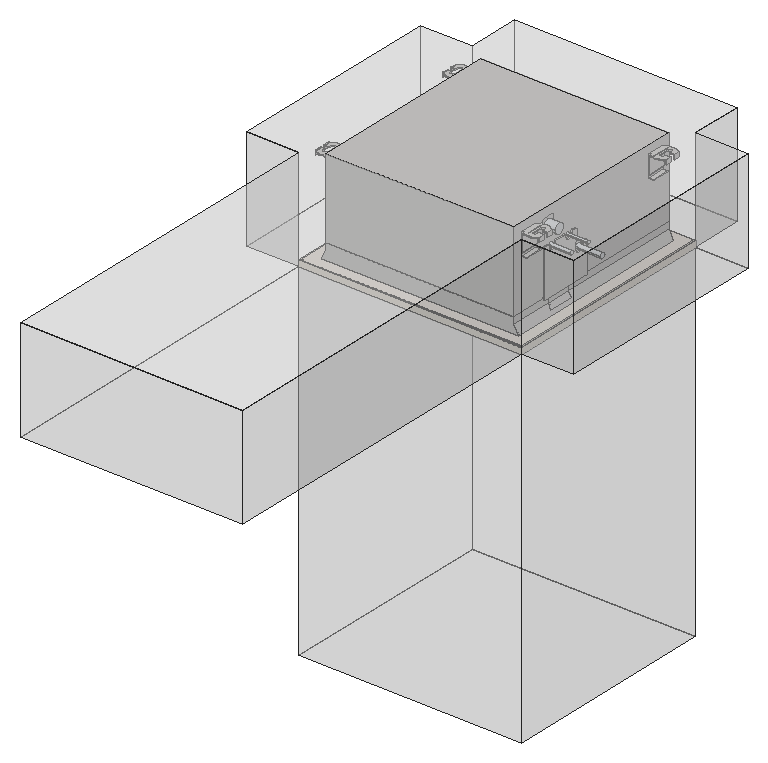
Revit family "outputfile", category 機械設備, Revit 2024
Family settings
  丸型コネクタ寸法 = 半径を使用
  種別 = なし
  パーツ タイプ = 標準
  OmniClass 番号 = 23.75.10.24.21.27.27
  OmniClass タイトル = Split System Air Conditioning Units
  作業面ベース = いいえ
  常に垂直 = はい
  ロード時にボイドで切り取り = いいえ
  注釈の向きを維持 = いいえ
  共有 = いいえ
  部屋計算ポイント = はい
Parameters (values of type "FPEKQ20AVM")
  書き出し IFC クラス(タイプ) = "IfcUnitaryEquipmentType"
  定義済み IFC タイプ(タイプ) = "AIRCONDITIONINGUNIT"
  r_HP/LP Gas Pipe Size = [HP/LP Gas Pipe Size] / 2  # 4.75 mm
  製造元 = "Daikin"
  モデル = "FPEKQ20AVM"
  w_power = 270.0 mm
  w_HP/LP Gas Pipe Size = 334.0 mm
  w_gaspipe = 344.0 mm
  w_drainpipe = 303.0 mm
  w_liquidpipe = 334.0 mm
  r_OAduct = 75.0 mm
  r_Liquid Pipe Size = Liquid Pipe Size / 2  # 3.2 mm
  r_Gas Pipe Size = Gas Pipe Size / 2  # 6.35 mm
  r_Drain Pipe Size = Drain Pipe Size / 2  # 13.0 mm
  lw_OA = (Width - 295.0 mm) / 2  # 172.5 mm
  lh_liquidpipe = 176.0 mm
  lh_HP/LP Gas Pipe Size = 176.0 mm
  lh_OA = 220.0 mm
  ld_HP/LP Gas Pipe Size = 150.0 mm
  ld_OA = 100.0 mm
  Voltage_comment_60Hz = "220-230"
  Voltage_comment_50Hz = "220 - 240"
  Voltage_60Hz = 220 V
  Voltage_50Hz = 230 V
  Phase_60Hz = 1
  Phase_50Hz = 1
  Minimum Circuit Amps_60Hz = 0.6 A
  Minimum Circuit Amps_50Hz = 0.6 A
  Maximum Fuse Amps_60Hz = 16.0 A
  Maximum Fuse Amps_50Hz = 16.0 A
  Material_Casing = DAIKIN_GalvanizedSteel_Casing_indoorunit
  lw_drainpipe = 50.0 mm
  lw_connection = 75.0 mm
  lh_powersuply = 27.0 mm
  lh_drainpipe = 230.0 mm
  lh_gaspipe = 129.0 mm
  ld_powersuply = 100.0 mm
  ld_liquidpipe = 90.0 mm
  ld_gaspipe = 53.0 mm
  ld_drainpipe = 157.0 mm
  h_mountinghole = 254.0 mm
  h_casing = 275.0 mm
  h_antenna = h_casing - h_mountinghole + 1.0 mm  # 22.0 mm
  d_mountinghole = 456.0 mm
  Width = 640.0 mm
  w_mountinghole = 603.0 mm
  w_branch duct connection = if(Width = 1070.0 mm, 360.0 mm, 615.0 mm)  # 615.0 mm
  w_block = if(Width = 1285.0 mm, 36.5 mm, 36.0 mm)  # 36.0 mm
  Version = "ver.1.0"
  Unit Type = "Moisture Kitchen Cassette"
  Unit Mass Weight = 17.00 kg
  Unit Designation [instance] = ""
  Uniclass2015Version = "Products v1.30"
  Uniclass2015Title = "Variable refrigerant flow units"
  Uniclass2015Code = "Pr_70_65_03_94"
  Total Cooling Capacity [instance] = 0.000 kW
  Sound Pressure Level_M speed (dBA) = 0
  Sound Pressure Level_L speed (dBA) = 25
  Sound Pressure Level_H speed (dBA) = 42
  Series = "VRV HOME_Fan Coil Unit"
  Sensible Cooling Capacity [instance] = 0.000 kW
  Refrigerant Type = "R410A"
  r_branch duct connection = if(Width = 1070.0 mm, 154.5 mm, 262.5 mm)  # 262.5 mm
  Power Input (Cooling) = 0.054 kW
  Option Accessory 3 [instance] = ""
  Option Accessory 2 [instance] = ""
  Option Accessory 1 [instance] = ""
  Nominal Cooling Capacity = 2.200 kW
  Minimum Airflow = 180.00 m³/h
  Median Airflow = 0.00 m³/h
  Maximum Airflow = 420.00 m³/h
  Load Classification = HVAC
  Liquid Pipe Size = 6.4 mm
  Link_Nested Family [instance] = ""
  l_branch duct connection = if(Width = 1070.0 mm, 282.5 mm, 374.5 mm)  # 374.5 mm
  IfcVersion = ""
  IfcExportType = "AIRCONDITIONINGUNIT"
  IfcExportAs = "IfcUnitaryEquipmentType"
  Height = 295.0 mm
  Heat Exchanger Type = "Cross Fin Coil"
  HP/LP Gas Pipe Size = 9.5 mm
  Gas Pipe Size = 12.7 mm
  Frequency_60Hz = 60 Hz
  Frequency_50Hz = 50 Hz
  Fan Type = "Sirocco Fan"
  Fan Drive = "Direct Drive"
  FCU Tag No. [instance] = ""
  Drain Pipe Size = 26.0 mm
  Design Supply Airflow [instance] = 0.00 m³/h
  Design Outdoor Airflow [instance] = 0.00 m³/h
  Depth = 625.0 mm
  既定の高さ = 0.0 mm
  Cooling Entering Wet Bulb Temperature [instance] = 0.00 °C
  Cooling Entering Dry Bulb Temperature [instance] = 0.00 °C
  Cooling Ambient Wet Bulb Temperature [instance] = 0.00 °C
  Cooling Ambient Dry Bulb Temperature [instance] = 0.00 °C
  Clearance visibility [instance] = yes
  Clearance Top = 0.0 mm
  Clearance Right = 150.0 mm
  Clearance Rear = 150.0 mm
  Clearance Left = 150.0 mm
  Clearance Front = 1000.0 mm
  Clearance Bottom = 1000.0 mm
  switch_Branch duct connection2 visibility = Width = 1740.0 mm  # no
  switch_Branch duct connection1 visibility = or((Width = 1070.0 mm), (Width = 1285.0 mm))  # no
Reference planes
  plane 1 "Center (Front/Back)": y = 0
  plane 2 "ceiling plane": z = 0
  plane 3 "Center (Left/Right)": x = 0
  plane 4 "Back": y = 312.5
  plane 5 "Front": y = -312.5
  plane 6 "Left": x = -320
  plane 7 "Right": x = 320
  plane 8 "Top": z = 275
  plane 9 "Bottom": z = -20
  plane 10: z = 45
  plane 11: z = 275
  plane 12: x = -301.5
  plane 13: x = 301.5
  plane 14: y = 228
  plane 15: y = -228
  plane 16: z = 254
  plane 17: x = 303
  plane 18: x = 334
  plane 19: y = -100
  plane 20 "Clearance Rear": y = 462.5
  plane 21 "Clearance Front": y = -1312.5
  plane 22 "Clearance Left": x = -470
  plane 23 "Clearance Right": x = 470
  plane 24 "Clearance Top": z = 275
  plane 25 "Clearance Bottom": z = -1000
  plane 26: y = -90
  plane 27: y = -53
  plane 28: y = -157
  plane 29: z = 27
  plane 30: z = 129
  plane 31: z = 230
  plane 32: z = 220
  plane 33: x = 160
  plane 34: y = -260
  plane 35: z = 176
  plane 36: y = -150
  plane 37: x = 344
Forms (mm)
  Extrusion 1, solid, material "DAIKIN_GalvanizedSteel_Casing_indoorunit" <- "Material_Casing"
    sketch origin (0, 0, 0) x (1, 0, 0) y (0, 1, 0)
      loop
        line (-270, 277.5) -> (-270, -277.5) -> (270, -277.5) -> (270, 277.5) -> (-270, 277.5)
    from 45 to 275
  Extrusion 2, solid
    sketch origin (0, 0, 0) x (0, 1, 0) y (0, 0, 1)
      loop
        circle (-90, 176) r 3.2
    from 270 to 334
  Extrusion 3, solid
    sketch origin (0, 0, 0) x (0, 1, 0) y (0, 0, 1)
      loop
        circle (-157, 230) r 13
    from 268 to 303
  Extrusion 4, solid
    sketch origin (0, -60, 0) x (0, 1, 0) y (0, 0, 1)
      loop
        circle (-90, 176) r 4.75
    from 270 to 334 <- "w_HP/LP Gas Pipe Size"
  Extrusion 5, solid
    sketch origin (0, 0, 0) x (0, 1, 0) y (0, 0, 1)
      loop
        circle (-53, 129) r 6.35
    from 270 to 344
  Extrusion 6, solid, material "DAIKIN_GalvanizedSteel_Casing_indoorunit" <- "Material_Casing"
    sketch origin (0, 0, 0) x (0, 1, 0) y (0, 0, 1)
      loop
        line (-173.357, 45.701) -> (-27.704, 45.701)
        arc (-27.704, 45.701) -> (-25.633, 46.606) -> (-24.781, 48.7) r 3
        line (-24.781, 48.7) -> (-24.781, 130.81)
        arc (-24.781, 130.81) -> (-25.66, 132.931) -> (-27.781, 133.81) r 3
        line (-27.781, 133.81) -> (-35.219, 133.81)
        arc (-35.219, 133.81) -> (-37.34, 132.931) -> (-38.219, 130.81) r 3
        line (-38.219, 130.81) -> (-38.219, 129)
        arc (-38.219, 129) -> (-53, 114.219) -> (-67.781, 129) r 14.781
        line (-67.781, 129) -> (-67.781, 144.567)
        arc (-67.781, 144.567) -> (-67.553, 145.715) -> (-66.903, 146.689) r 3
        line (-66.903, 146.689) -> (-63.66, 150.321)
        arc (-63.66, 150.321) -> (-63.01, 151.295) -> (-62.781, 152.443) r 3
        line (-62.781, 152.443) -> (-62.781, 177.95)
        arc (-62.781, 177.95) -> (-63.66, 180.071) -> (-65.781, 180.95) r 3
        line (-65.781, 180.95) -> (-73.98, 180.95)
        arc (-73.98, 180.95) -> (-76.102, 180.071) -> (-76.98, 177.95) r 3
        line (-76.98, 177.95) -> (-76.98, 176)
        arc (-76.98, 176) -> (-90, 162.98) -> (-103.02, 176) r 13.02
        line (-103.02, 176) -> (-103.02, 177.95)
        arc (-103.02, 177.95) -> (-103.898, 180.071) -> (-106.02, 180.95) r 3
        line (-106.02, 180.95) -> (-133.996, 180.95)
        arc (-133.996, 180.95) -> (-136.117, 180.071) -> (-136.996, 177.95) r 3
        line (-136.996, 177.95) -> (-136.996, 176)
        arc (-136.996, 176) -> (-150, 162.996) -> (-163.004, 176) r 13.004
        line (-163.004, 176) -> (-163.004, 177.95)
        arc (-163.004, 177.95) -> (-163.883, 180.071) -> (-166.004, 180.95) r 3
        line (-166.004, 180.95) -> (-173.279, 180.95)
        arc (-173.279, 180.95) -> (-175.4, 180.071) -> (-176.279, 177.95) r 3
        line (-176.279, 177.95) -> (-176.279, 48.7)
        arc (-176.279, 48.7) -> (-175.428, 46.607) -> (-173.357, 45.701) r 3
    from 270 to 277
  Extrusion 7, void
    sketch origin (0, 0, 0) x (0, 1, 0) y (0, 0, 1)
      loop
        arc (-136, 246) -> (-137.464, 249.536) -> (-141, 251) r 5
        line (-141, 251) -> (-173, 251)
        arc (-173, 251) -> (-176.536, 249.536) -> (-178, 246) r 5
        line (-178, 246) -> (-178, 214)
        arc (-178, 214) -> (-176.536, 210.464) -> (-173, 209) r 5
        line (-173, 209) -> (-141, 209)
        arc (-141, 209) -> (-137.464, 210.464) -> (-136, 214) r 5
        line (-136, 214) -> (-136, 246)
    from 268 to 270
  Extrusion 8, solid, material "DAIKIN_GalvanizedSteel_Casing_indoorunit" <- "Material_Casing"
    sketch origin (0, 0, 0) x (1, 0, 0) y (0, 0, 1)
      loop
        line (271, 25.995) -> (271, 42) -> (-271, 42) -> (-271, 25.995) -> (-277.526, 12) -> (277.526, 12) -> (271, 25.995)
    from 85 to 155
Cuts and joins
  Extrusion 7 cuts Extrusion 1
Dimensions and locks
  "Width": plane 6 "Left" to plane 7 "Right"
  equal spacing: plane 6 "Left", plane 3 "Center (Left/Right)", plane 7 "Right"
  equal spacing: plane 4 "Back", plane 1 "Center (Front/Back)", plane 5 "Front"
  "Depth": plane 4 "Back" to plane 5 "Front"
  plane 11 to plane 10 = 230.0 mm
  equal spacing: plane 12, plane 3 "Center (Left/Right)", plane 13
  "w_mountinghole": plane 12 to plane 13
  equal spacing: plane 15, plane 1 "Center (Front/Back)", plane 14
  "d_mountinghole": plane 15 to plane 14
  "h_mountinghole": plane 16 to level
  "lh_liquidpipe": Extrusion 2 sketch curve to level
  "Clearance Left": plane 22 "Clearance Left" to plane 6 "Left"
  "Clearance Right": plane 7 "Right" to plane 23 "Clearance Right"
  "Clearance Front": plane 5 "Front" to plane 21 "Clearance Front"
  "Clearance Rear": plane 20 "Clearance Rear" to plane 4 "Back"
  "Clearance Top": plane 24 "Clearance Top" to plane 11
  "Clearance Bottom": level to plane 25 "Clearance Bottom"
  "ld_powersuply": plane 19 to plane 1 "Center (Front/Back)"
  "ld_liquidpipe": plane 26 to plane 1 "Center (Front/Back)"
  "ld_gaspipe": plane 27 to plane 1 "Center (Front/Back)"
  "ld_drainpipe": plane 28 to plane 1 "Center (Front/Back)"
  "lh_powersuply": plane 29 to level
  "lh_gaspipe": plane 30 to level
  "lh_drainpipe": plane 31 to level
  "h_casing": plane 11 to level
  "lh_OA": plane 32 to level
  locked: plane 33 to plane 7 "Right" at 160
  locked: plane 5 "Front" to plane 34 at 52.5
  equal spacing: Extrusion 1 sketch curve, plane 3 "Center (Left/Right)", Extrusion 1 sketch curve
  locked: Extrusion 1 sketch curve to Extrusion 1 sketch curve at 540
  equal spacing: Extrusion 1 sketch curve, plane 1 "Center (Front/Back)", Extrusion 1 sketch curve
  locked: Extrusion 1 sketch curve to Extrusion 1 sketch curve at 555
  "lh_liquidpipe": plane 35 to level
  "w_drainpipe": plane 3 "Center (Left/Right)" to plane 17
  "w_liquidpipe": plane 3 "Center (Left/Right)" to plane 18
  "lh_HP/LP Gas Pipe Size": Extrusion 4 sketch curve to level
  "ld_HP/LP Gas Pipe Size": Extrusion 4 sketch curve to plane 1 "Center (Front/Back)"
  "ld_HP/LP Gas Pipe Size": plane 36 to plane 1 "Center (Front/Back)"
  "w_gaspipe": plane 3 "Center (Left/Right)" to plane 37
  locked: plane 10 to level at 45
  "Liquid Pipe Size": diameter of Extrusion 2 sketch curve
  "Drain Pipe Size": diameter of Extrusion 3 sketch curve
  "r_HP/LP Gas Pipe Size": radius of Extrusion 4 sketch curve
  "r_Gas Pipe Size": radius of Extrusion 5 sketch curve
  aligned and locked: level to plane 2 "ceiling plane"
  aligned and locked: Extrusion 1 to plane 10
  aligned and locked: plane 11 to Extrusion 1
  aligned and locked: plane 18 to Extrusion 2
  aligned and locked: plane 17 to Extrusion 3
  aligned and locked: nested 6 to plane 19
  aligned and locked: plane 11 to plane 8 "Top"
  aligned and locked: nested 6 to plane 29
  aligned and locked: nested 7 to plane 26
  aligned and locked: plane 18 to nested 7
  aligned and locked: nested 8 to plane 27
  aligned and locked: nested 9 to plane 28
  aligned and locked: plane 17 to nested 9
  aligned and locked: plane 12 to nested 10
  aligned and locked: plane 14 to nested 10
  aligned and locked: plane 12 to nested 11
  aligned and locked: plane 15 to nested 11
  aligned and locked: plane 13 to nested 12
  aligned and locked: plane 15 to nested 12
  aligned and locked: plane 14 to nested 13
  aligned and locked: plane 13 to nested 13
  aligned and locked: plane 1 "Center (Front/Back)" to nested 15
  aligned and locked: plane 3 "Center (Left/Right)" to nested 15
  aligned and locked: plane 24 "Clearance Top" to nested 15
  aligned and locked: plane 33 to nested 14
  aligned and locked: nested 14 to plane 34
  aligned and locked: level to nested 1
  aligned and locked: plane 3 "Center (Left/Right)" to nested 1
  aligned and locked: plane 1 "Center (Front/Back)" to nested 1
  aligned and locked: plane 14 to nested 2
  aligned and locked: plane 12 to nested 2
  aligned and locked: plane 15 to nested 3
  aligned and locked: plane 12 to nested 3
  aligned and locked: nested 4 to plane 14
  aligned and locked: plane 13 to nested 4
  aligned and locked: nested 5 to plane 15
  aligned and locked: plane 13 to nested 5
  aligned and locked: plane 26 to Extrusion 2 sketch curve
  aligned and locked: plane 28 to Extrusion 3 sketch curve
  aligned and locked: plane 31 to Extrusion 3 sketch curve
  aligned and locked: nested 16 to plane 36
  aligned and locked: plane 18 to Extrusion 4
  aligned and locked: plane 30 to Extrusion 5 sketch curve
  aligned and locked: plane 27 to Extrusion 5 sketch curve
  aligned and locked: plane 37 to Extrusion 5
  aligned and locked: plane 37 to nested 8
  aligned and locked: nested 14 to plane 9 "Bottom"
  aligned and locked: plane 9 "Bottom" to nested 1
  aligned and locked: Extrusion 4 to cut or joined group of Extrusion 1, Extrusion 7
  aligned and locked: Extrusion 2 to cut or joined group of Extrusion 1, Extrusion 7
  aligned and locked: Extrusion 5 to cut or joined group of Extrusion 1, Extrusion 7
  aligned and locked: cut or joined group of Extrusion 1, Extrusion 7 to Extrusion 3
Automatic sketch dimensions
  plane 35 to Extrusion 6 sketch curve = 0.0 mm  (x2)
  Extrusion 6 sketch curve to plane 36 = 0.0 mm
  Extrusion 6 sketch curve to plane 26 = 0.0 mm
  plane 30 to Extrusion 6 sketch curve = 0.0 mm
  Extrusion 6 sketch curve to plane 27 = 0.0 mm
  Extrusion 6 sketch curve to plane 35 = 1.95 mm  (x4)
  plane 28 to Extrusion 6 sketch curve = 6.004 mm
  Extrusion 6 sketch curve to Extrusion 6 sketch curve = 3.0 mm  (x4)
  plane 10 to Extrusion 6 sketch curve = 3.7 mm  (x2)
  plane 28 to Extrusion 6 sketch curve = 16.279 mm
  Extrusion 6 sketch curve to Extrusion 6 sketch curve = 7.275 mm
  plane 10 to Extrusion 6 sketch curve = 0.701 mm  (x2)
  Extrusion 6 sketch curve to Extrusion 6 sketch curve = 0.078 mm  (x2)
  plane 19 to Extrusion 6 sketch curve = 6.02 mm
  plane 19 to Extrusion 6 sketch curve = 3.02 mm
  Extrusion 6 sketch curve to Extrusion 6 sketch curve = 0.879 mm  (x2)
  Extrusion 6 sketch curve to Extrusion 6 sketch curve = 8.199 mm
  Extrusion 6 sketch curve to Extrusion 6 sketch curve = 1.121 mm
  Extrusion 6 sketch curve to Extrusion 6 sketch curve = 2.121 mm  (x2)
  Extrusion 6 sketch curve to plane 30 = 1.81 mm
  Extrusion 6 sketch curve to Extrusion 6 sketch curve = 7.437 mm
  Extrusion 6 sketch curve to plane 27 = 25.219 mm
  Extrusion 6 sketch curve to plane 30 = 15.567 mm
  Extrusion 6 sketch curve to Extrusion 6 sketch curve = 3.633 mm
  plane 32 to Extrusion 7 sketch curve = 6.0 mm  (x2)
  plane 28 to Extrusion 7 sketch curve = 21.0 mm
  Extrusion 7 sketch curve to Extrusion 7 sketch curve = 5.0 mm  (x3)
  Extrusion 7 sketch curve to plane 36 = 9.0 mm
  Extrusion 7 sketch curve to plane 16 = 8.0 mm
  plane 12 to Extrusion 8 sketch curve = 23.974 mm
  Extrusion 8 sketch curve to plane 10 = 3.0 mm
  plane 12 to Extrusion 8 sketch curve = 30.5 mm
  plane 29 to Extrusion 8 sketch curve = 1.005 mm  (x2)
  Extrusion 8 sketch curve to plane 13 = 30.5 mm
  Extrusion 8 sketch curve to Extrusion 8 sketch curve = 6.526 mm
  level to Extrusion 8 sketch curve = 12.0 mm
Nested families
  nested 1: "daikin_round flow_panel" at (0, 0, 0), type "magnolia denudata white"
  nested 2: "daikin_hangerfixture_FPEKQ-AVM" at (-270, 228, 254) x (0, -1, 0) z (0, 0, 1), built-in parameter 1001364 <- "h_mountinghole", type "daikin_hangerfixture_FPEKQ-AVM"
  nested 3: "daikin_hangerfixture_FPEKQ-AVM" at (-270, -228, 254) x (0, -1, 0) z (0, 0, 1), built-in parameter 1001364 <- "h_mountinghole", type "daikin_hangerfixture_FPEKQ-AVM"
  nested 4: "daikin_hangerfixture_FPEKQ-AVM" at (270, 228, 254) x (0, -1, 0) z (0, 0, 1), built-in parameter 1001364 <- "h_mountinghole", type "daikin_hangerfixture_FPEKQ-AVM"
  nested 5: "daikin_hangerfixture_FPEKQ-AVM" at (270, -228, 254) x (0, -1, 0) z (0, 0, 1), built-in parameter 1001364 <- "h_mountinghole", type "daikin_hangerfixture_FPEKQ-AVM"
  nested 6: "daikin_connector_rotate2" at (0, -100, 27) x (0, 1, 0) z (0, 0, 1), length <- "w_power", type "daikin_connector_rotate2"
    with radius 10.0 mm, length 270.0 mm, angle_vertical 90.00°
  nested 7: "daikin_connector_rotate2" at (0, -90, 176) x (0, 1, 0) z (0, 0, 1), radius <- "r_Liquid Pipe Size", built-in parameter 1001364 <- "lh_liquidpipe", length <- "w_liquidpipe", type "daikin_connector_rotate2"
    with radius 3.2 mm, length 334.0 mm, angle_vertical 90.00°
  nested 8: "daikin_connector_rotate2" at (0, -53, 129) x (0, 1, 0) z (0, 0, 1), radius <- "r_Gas Pipe Size", built-in parameter 1001364 <- "lh_gaspipe", length <- "w_gaspipe", type "daikin_connector_rotate2"
    with radius 6.35 mm, length 344.0 mm, angle_vertical 90.00°
  nested 9: "daikin_connector_rotate2" at (0, -157, 230) x (0, 1, 0) z (0, 0, 1), radius <- "r_Drain Pipe Size", built-in parameter 1001364 <- "lh_drainpipe", length <- "w_drainpipe", type "daikin_connector_rotate2"
    with radius 13.0 mm, length 303.0 mm, angle_vertical 90.00°
  nested 10: "daikin_mountinghole" at (-301.5, 228, 0), l_antenna <- "h_antenna", Link_Nested Family <- "Link_Nested Family", h_mountinghole <- "h_mountinghole", type "daikin_mountinghole"
    with show yes, l_antenna 22.0 mm, h_mountinghole 254.0 mm, Link_Nested Family ""
  nested 11: "daikin_mountinghole" at (-301.5, -228, 0), l_antenna <- "h_antenna", Link_Nested Family <- "Link_Nested Family", h_mountinghole <- "h_mountinghole", type "daikin_mountinghole"
    with show yes, l_antenna 22.0 mm, h_mountinghole 254.0 mm, Link_Nested Family ""
  nested 12: "daikin_mountinghole" at (301.5, -228, 0), l_antenna <- "h_antenna", Link_Nested Family <- "Link_Nested Family", h_mountinghole <- "h_mountinghole", type "daikin_mountinghole"
    with show yes, l_antenna 22.0 mm, h_mountinghole 254.0 mm, Link_Nested Family ""
  nested 13: "daikin_mountinghole" at (301.5, 228, 0), l_antenna <- "h_antenna", Link_Nested Family <- "Link_Nested Family", h_mountinghole <- "h_mountinghole", type "daikin_mountinghole"
    with show yes, l_antenna 22.0 mm, h_mountinghole 254.0 mm, Link_Nested Family ""
  nested 14: "daikin_logo_plane_w40" at (160, -260, -22), type "daikin_logo_plane_w40"
    with show_logo yes
  nested 15: "daikin_clearancespace_cassette" at (0, 0, 127.5), depth_outline <- "Depth", height_outline <- "Height", width_outline <- "Width", depth_front <- "Clearance Front", depth_rear <- "Clearance Rear", height_bottom <- "Clearance Bottom", height_top <- "Clearance Top", width_left <- "Clearance Left", width_right <- "Clearance Right", show <- "Clearance visibility", visible <- "Clearance visibility", Link_Nested Family <- "Link_Nested Family", type "daikin_clearancespace_cassette"
    with width_right 150.0 mm, width_outline 640.0 mm, width_left 150.0 mm, width 1823.963 mm, show yes, height_top 0.0 mm, height_outline 295.0 mm, height_bottom 1000.0 mm, height 1359.762 mm, depth_rear 150.0 mm, depth_outline 625.0 mm, depth_front 1000.0 mm, depth 880.0 mm, Link_Nested Family ""
  nested 16: "daikin_connector_rotate2" at (0, -150, 176) x (0, 1, 0) z (0, 0, 1), built-in parameter 1001364 <- "lh_HP/LP Gas Pipe Size", length <- "w_HP/LP Gas Pipe Size", type "daikin_connector_rotate2"
    with radius 4.8 mm, length 334.0 mm, angle_vertical 90.00°
Connectors
  piping at (334, -90, 176), diameter 6.4, driven by "r_Liquid Pipe Size"
    settings: on nested 7, index 5, connector inside diameter 609.6 mm, connector length 0.0 mm, flow factor 0, pipe flow 0.00 m³/h, pressure drop 0.0 Pa, fitting loss kfactor 0, connector angle 0.00°, fixture units 0, engagement length 0.0 mm, angle of deflection 0.00°, flow configuration 1, flow direction 1, fitting loss method 0, system type 29, joint type 0, gender type 0, connector reference index -1, connector utility 0, adjustable connector no, is connector primary yes, connector description "Refrigerant Liquid Piping"
  piping at (344, -53, 129), diameter 12.7, driven by "r_Gas Pipe Size"
    settings: on nested 8, index 6, connector inside diameter 609.6 mm, connector length 0.0 mm, flow factor 0, pipe flow 0.00 m³/h, pressure drop 0.0 Pa, fitting loss kfactor 0, connector angle 0.00°, fixture units 0, engagement length 0.0 mm, angle of deflection 0.00°, flow configuration 1, flow direction 2, fitting loss method 0, system type 29, joint type 0, gender type 0, connector reference index -1, connector utility 0, adjustable connector no, is connector primary no, connector description "Refrigerant Gas Piping"
  piping at (303, -157, 230), diameter 26, driven by "r_Drain Pipe Size"
    settings: on nested 9, index 7, connector inside diameter 609.6 mm, connector length 0.0 mm, flow factor 0, pipe flow 0.00 m³/h, pressure drop 0.0 Pa, fitting loss kfactor 0, connector angle 0.00°, fixture units 0, engagement length 0.0 mm, angle of deflection 0.00°, flow configuration 1, flow direction 2, fitting loss method 4, system type 16, joint type 0, gender type 0, connector reference index -1, connector utility 0, adjustable connector no, is connector primary no, connector description "Condensate Drain Piping"
  electrical at (270, -100, 27), driven by "Load Classification"
    settings: on nested 6, index 10, voltage 0 V, apparent load 0 VA, apparent load phase1 0 VA, apparent load phase2 0 VA, apparent load phase3 0 VA, power factor 1, load classification "HVAC", number of poles 1, system type 30, power factor state 1, is connector primary yes, connector utility no, sub classification motor no, connector description "Power Supply"
  piping at (334, -150, 176), diameter 9.5, driven by "r_HP/LP Gas Pipe Size"
    settings: on nested 16, index 11, connector inside diameter 609.6 mm, connector length 0.0 mm, flow factor 0, pipe flow 0.00 m³/h, pressure drop 0.0 Pa, fitting loss kfactor 0, connector angle 0.00°, fixture units 0, engagement length 0.0 mm, angle of deflection 0.00°, flow configuration 1, flow direction 0, fitting loss method 0, system type 29, joint type 0, gender type 0, connector reference index -1, connector utility 0, adjustable connector no, is connector primary no, connector description "Refrigerant HP/LP Gas Piping"
Definition of nested family "daikin_round flow_panel"
  Parameters (values of type "fresh white")
    width = 640.0 mm  # constant formula
    w_casing = 564.0 mm  # constant formula
    material_panel = none
    material_casing = none
    height = 65.0 mm
    depth = 625.0 mm  # constant formula
    d_casing = 555.0 mm  # constant formula
    W = 640.0 mm
    Default Elevation = 0.0 mm
  Reference planes
    plane 1 "Center (Front/Back)": y = 0
    plane 2: z = 0
    plane 3 "Center (Left/Right)": x = 0
    plane 4: y = 312.5
    plane 5: y = -312.5
    plane 6: x = -320
    plane 7: x = 320
    plane 8 "Bottom": z = -20
    plane 9: y = 277.5
    plane 10: y = -277.5
    plane 11: x = -282
    plane 12: x = 282
    plane 13: z = 45
    plane 14: x = -300
    plane 15: x = 300
    plane 16: z = -2
  Forms (mm)
    Extrusion 1, solid, material <- "material_casing"
      sketch origin (0, 0, 0) x (1, 0, 0) y (0, 0, 1)
        loop
          line (270, 25.774) -> (270, 45) -> (-270, 45) -> (-270, 25.774) -> (-282.018, 0) -> (282.018, 0) -> (270, 25.774)
      from -277.5 to 277.5
    Extrusion 2, solid, material <- "material_panel"
      sketch origin (0, 0, 0) x (1, 0, 0) y (0, 0, 1)
        loop
          line (-317.01, 0) -> (-317.01, -2) -> (317.01, -2) -> (317.01, 0) -> (-317.01, 0)
      from -309.5 to 309.5
    Extrusion 3, solid, material <- "material_panel"
      sketch origin (0, 0, 0) x (1, 0, 0) y (0, 0, 1)
        loop
          line (-320, -2) -> (-320, -20) -> (320, -20) -> (320, -2) -> (-320, -2)
      from -312.5 to 312.5
    Extrusion 4, void
      sketch origin (-993.619, -1524, -20) x (0, -1, 0) y (-1, 0, 0)
        loop
          line (-1296, -757.819) -> (-1296, -1229.419) -> (-1246.5, -1229.419) -> (-1246.5, -757.819) -> (-1296, -757.819)
        loop
          line (-1801.5, -692.119) -> (-1801.5, -1295.119) -> (-1535.3, -1295.119) -> (-1535.3, -692.119) -> (-1801.5, -692.119)
      from 0 to -1
    Extrusion 5, solid, material <- "material_panel"
      sketch origin (-993.619, -1524, -20) x (-1, 0, 0) y (0, -1, 0)
        loop
          line (-757.819, -1296) -> (-757.819, -1246.5) -> (-1072.219, -1246.5) -> (-1072.219, -1296) -> (-757.819, -1296)
      from 0 to 1
    Extrusion 6, solid, material <- "material_panel"
      sketch origin (-993.619, -1524, -20) x (-1, 0, 0) y (0, -1, 0)
        loop
          line (-1072.219, -1296) -> (-1072.219, -1246.5) -> (-1229.419, -1246.5) -> (-1229.419, -1296) -> (-1072.219, -1296)
      from 0 to 1
    Extrusion 7, solid, material <- "material_panel"
      sketch origin (-993.619, -1524, -20) x (-1, 0, 0) y (0, -1, 0)
        loop
          line (-750.169, -1801.5) -> (-750.169, -1535.3) -> (-752.169, -1535.3) -> (-752.169, -1801.5) -> (-750.169, -1801.5)
        loop
          line (-818.744, -1535.3) -> (-823.744, -1535.3) -> (-823.744, -1801.5) -> (-818.744, -1801.5) -> (-818.744, -1535.3)
        loop
          line (-888.819, -1801.5) -> (-888.819, -1535.3) -> (-893.819, -1535.3) -> (-893.819, -1801.5) -> (-888.819, -1801.5)
        loop
          line (-991.119, -1801.5) -> (-991.119, -1535.3) -> (-996.119, -1535.3) -> (-996.119, -1801.5) -> (-991.119, -1801.5)
        loop
          line (-1093.419, -1801.5) -> (-1093.419, -1535.3) -> (-1098.419, -1535.3) -> (-1098.419, -1801.5) -> (-1093.419, -1801.5)
        loop
          line (-1163.494, -1535.3) -> (-1168.494, -1535.3) -> (-1168.494, -1801.5) -> (-1163.494, -1801.5) -> (-1163.494, -1535.3)
        loop
          line (-1235.069, -1801.5) -> (-1235.069, -1535.3) -> (-1237.069, -1535.3) -> (-1237.069, -1801.5) -> (-1235.069, -1801.5)
      from 0 to 1
    Extrusion 8, solid, material <- "material_panel"
      sketch origin (-993.619, -1524, -20) x (-1, 0, 0) y (0, -1, 0)
        loop
          line (-692.119, -1789.9) -> (-692.119, -1788.9) -> (-1295.119, -1788.9) -> (-1295.119, -1789.9) -> (-692.119, -1789.9)
        loop
          line (-692.119, -1777.8) -> (-692.119, -1776.8) -> (-1295.119, -1776.8) -> (-1295.119, -1777.8) -> (-692.119, -1777.8)
        loop
          line (-692.119, -1765.7) -> (-692.119, -1764.7) -> (-1295.119, -1764.7) -> (-1295.119, -1765.7) -> (-692.119, -1765.7)
        loop
          line (-692.119, -1753.6) -> (-692.119, -1752.6) -> (-1295.119, -1752.6) -> (-1295.119, -1753.6) -> (-692.119, -1753.6)
        loop
          line (-692.119, -1741.5) -> (-692.119, -1740.5) -> (-1295.119, -1740.5) -> (-1295.119, -1741.5) -> (-692.119, -1741.5)
        loop
          line (-692.119, -1729.4) -> (-692.119, -1728.4) -> (-1295.119, -1728.4) -> (-1295.119, -1729.4) -> (-692.119, -1729.4)
        loop
          line (-692.119, -1717.3) -> (-692.119, -1716.3) -> (-1295.119, -1716.3) -> (-1295.119, -1717.3) -> (-692.119, -1717.3)
        loop
          line (-692.119, -1705.2) -> (-692.119, -1704.2) -> (-1295.119, -1704.2) -> (-1295.119, -1705.2) -> (-692.119, -1705.2)
        loop
          line (-692.119, -1693.1) -> (-692.119, -1692.1) -> (-1295.119, -1692.1) -> (-1295.119, -1693.1) -> (-692.119, -1693.1)
        loop
          line (-692.119, -1681) -> (-692.119, -1680) -> (-1295.119, -1680) -> (-1295.119, -1681) -> (-692.119, -1681)
        loop
          line (-692.119, -1668.9) -> (-692.119, -1667.9) -> (-1295.119, -1667.9) -> (-1295.119, -1668.9) -> (-692.119, -1668.9)
        loop
          line (-692.119, -1656.8) -> (-692.119, -1655.8) -> (-1295.119, -1655.8) -> (-1295.119, -1656.8) -> (-692.119, -1656.8)
        loop
          line (-692.119, -1644.7) -> (-692.119, -1643.7) -> (-1295.119, -1643.7) -> (-1295.119, -1644.7) -> (-692.119, -1644.7)
        loop
          line (-692.119, -1632.6) -> (-692.119, -1631.6) -> (-1295.119, -1631.6) -> (-1295.119, -1632.6) -> (-692.119, -1632.6)
        loop
          line (-692.119, -1620.5) -> (-692.119, -1619.5) -> (-1295.119, -1619.5) -> (-1295.119, -1620.5) -> (-692.119, -1620.5)
        loop
          line (-692.119, -1608.4) -> (-692.119, -1607.4) -> (-1295.119, -1607.4) -> (-1295.119, -1608.4) -> (-692.119, -1608.4)
        loop
          line (-692.119, -1596.3) -> (-692.119, -1595.3) -> (-1295.119, -1595.3) -> (-1295.119, -1596.3) -> (-692.119, -1596.3)
        loop
          line (-692.119, -1584.2) -> (-692.119, -1583.2) -> (-1295.119, -1583.2) -> (-1295.119, -1584.2) -> (-692.119, -1584.2)
        loop
          line (-692.119, -1572.1) -> (-692.119, -1571.1) -> (-1295.119, -1571.1) -> (-1295.119, -1572.1) -> (-692.119, -1572.1)
        loop
          line (-692.119, -1560) -> (-692.119, -1559) -> (-1295.119, -1559) -> (-1295.119, -1560) -> (-692.119, -1560)
        loop
          line (-692.119, -1547.9) -> (-692.119, -1546.9) -> (-1295.119, -1546.9) -> (-1295.119, -1547.9) -> (-692.119, -1547.9)
      from 0 to 1
  Cuts and joins
    Extrusion 4 cuts Extrusion 1
    Extrusion 4 cuts Extrusion 2
    Extrusion 4 cuts Extrusion 3
    joined: Extrusion 7, Extrusion 8
  Dimensions and locks
    "width": plane 6 to plane 7
    "depth": plane 4 to plane 5
    equal spacing: plane 6, plane 3 "Center (Left/Right)", plane 7
    equal spacing: plane 4, plane 1 "Center (Front/Back)", plane 5
    equal spacing: plane 9, plane 1 "Center (Front/Back)", plane 10
    "d_casing": plane 9 to plane 10
    equal spacing: plane 11, plane 3 "Center (Left/Right)", plane 12
    "w_casing": plane 11 to plane 12
    "height": plane 13 to plane 8 "Bottom"
    locked: level to plane 8 "Bottom" at 20
    locked: plane 6 to plane 14 at 20
    locked: plane 15 to plane 7 at 20
    plane 3 "Center (Left/Right)" to Extrusion 1 sketch curve = 282.018 mm
    Extrusion 1 sketch curve to plane 3 "Center (Left/Right)" = 282.018 mm
    plane 3 "Center (Left/Right)" to Extrusion 2 sketch curve = 317.01 mm
    Extrusion 2 sketch curve to plane 3 "Center (Left/Right)" = 317.01 mm
    locked: level to plane 16 at 2
    plane 10 to Extrusion 4 sketch curve = 49.5 mm
    Extrusion 4 sketch curve to plane 3 "Center (Left/Right)" to Extrusion 4 sketch curve = 235.8 mm locked, 235.8 mm locked
    plane 1 "Center (Front/Back)" to Extrusion 4 sketch curve to Extrusion 4 sketch curve = 11.3 mm locked, 266.2 mm locked
    Extrusion 4 sketch curve to plane 3 "Center (Left/Right)" to Extrusion 4 sketch curve = 301.5 mm locked, 301.5 mm locked
    locked: Extrusion 5 sketch curve to plane 10 at 49.5
    Extrusion 5 sketch curve to plane 3 "Center (Left/Right)" to Extrusion 5 sketch curve = 235.8 mm locked, 78.6 mm locked
    locked: plane 3 "Center (Left/Right)" to Extrusion 6 sketch curve at 235.8
    Extrusion 7 sketch curve to Extrusion 7 sketch curve to Extrusion 7 sketch curve to Extrusion 7 sketch curve to Extrusion 7 sketch curve to Extrusion 7 sketch curve to Extrusion 7 sketch curve to Extrusion 7 sketch curve to Extrusion 7 sketch curve to Extrusion 7 sketch curve to Extrusion 7 sketch curve to Extrusion 7 sketch curve to Extrusion 7 sketch curve to Extrusion 7 sketch curve = 2.0 mm locked, 66.575 mm locked, 5.0 mm locked, 65.075 mm locked, 5.0 mm locked, 97.3 mm locked, 5.0 mm locked, 97.3 mm locked, 5.0 mm locked, 65.075 mm locked, 5.0 mm locked, 66.575 mm locked, 2.0 mm locked
    aligned and locked: level to plane 2
    aligned and locked: level to Extrusion 1 sketch curve
    aligned and locked: Extrusion 2 to plane 16
    aligned and locked: plane 10 to Extrusion 4 sketch curve
    aligned and locked: plane 10 to Extrusion 5 sketch curve
    aligned and locked: Extrusion 6 sketch curve to Extrusion 5  (x2)
    aligned and locked: plane 10 to Extrusion 6 sketch curve
  Automatic sketch dimensions
    Extrusion 2 sketch curve to level = 0.0 mm
    Extrusion 2 sketch curve to level = 2.0 mm
    Extrusion 3 sketch curve to plane 6 = 0.0 mm
    Extrusion 3 sketch curve to plane 7 = 0.0 mm
    Extrusion 3 sketch curve to plane 8 "Bottom" = 0.0 mm
    Extrusion 3 sketch curve to plane 16 = 0.0 mm
    Extrusion 7 sketch curve to plane 9 = 0.0 mm  (x7)
    Extrusion 7 sketch curve to plane 12 = 38.55 mm
    Extrusion 7 sketch curve to plane 1 "Center (Front/Back)" = 11.3 mm  (x7)
    plane 15 to Extrusion 8 sketch curve = 1.5 mm  (x21)
    Extrusion 8 sketch curve to plane 14 = 1.5 mm  (x21)
    Extrusion 8 sketch curve to plane 9 = 11.6 mm
    Extrusion 8 sketch curve to Extrusion 8 sketch curve = 1.0 mm  (x21)
    Extrusion 8 sketch curve to Extrusion 8 sketch curve = 11.1 mm  (x20)
    Extrusion 1 sketch curve to plane 13 = 0.0 mm
    plane 11 to Extrusion 1 sketch curve = 12.0 mm
    Extrusion 1 sketch curve to plane 12 = 12.0 mm
    Extrusion 1 sketch curve to plane 13 = 19.226 mm
    Extrusion 1 sketch curve to Extrusion 1 sketch curve = 19.226 mm
Definition of nested family "daikin_hangerfixture_FPEKQ-AVM"
  Parameters (values of type "daikin_hangerfixture_FXCQ-BVM")
    width = 76.0 mm
    material = none
    height = 152.0 mm
    depth = 45.0 mm
    Default Elevation = 0.0 mm
  Reference planes
    plane 1 "Center (Front/Back)": y = 0
    plane 2: z = 0
    plane 3 "Center (Left/Right)": x = 0
    plane 4: y = 417.146
    plane 5: z = -1.6
    plane 6: z = -152
    plane 7: y = -2.5
    plane 8: z = -12
    plane 9: y = -45
    plane 10: x = -38
    plane 11: x = 38
    plane 12: y = -31.5
  Forms (mm)
    Extrusion 1, solid, material <- "material"
      sketch origin (0, 0, 0) x (1, 0, 0) y (0, 1, 0)
        loop
          line (-12.5, -25.5) -> (12.5, -25.5)
          arc (12.5, -25.5) -> (18.5, -31.5) -> (12.5, -37.5) r 6
          line (12.5, -37.5) -> (8.5, -37.5)
          arc (8.5, -37.5) -> (7.086, -38.086) -> (6.5, -39.5) r 2
          line (6.5, -39.5) -> (6.5, -51.1) -> (23, -51.1) -> (23, -49.5)
          arc (23, -49.5) -> (29.653, -40.04) -> (32, -28.715) r 28.5
          line (32, -28.715) -> (32, -14.872)
          arc (32, -14.872) -> (31.833, -14.073) -> (31.361, -13.407) r 2
          line (31.361, -13.407) -> (25.639, -8.093)
          arc (25.639, -8.093) -> (25.167, -7.427) -> (25, -6.628) r 2
          line (25, -6.628) -> (25, 0) -> (-25, 0) -> (-25, -6.628)
          arc (-25, -6.628) -> (-25.167, -7.427) -> (-25.639, -8.093) r 2
          line (-25.639, -8.093) -> (-31.361, -13.407)
          arc (-31.361, -13.407) -> (-31.833, -14.073) -> (-32, -14.872) r 2
          line (-32, -14.872) -> (-32, -28.715)
          arc (-32, -28.715) -> (-29.653, -40.04) -> (-23, -49.5) r 28.5
          line (-23, -49.5) -> (-23, -51.1) -> (-6.5, -51.1) -> (-6.5, -39.5)
          arc (-6.5, -39.5) -> (-7.086, -38.086) -> (-8.5, -37.5) r 2
          line (-8.5, -37.5) -> (-12.5, -37.5)
          arc (-12.5, -37.5) -> (-18.5, -31.5) -> (-12.5, -25.5) r 6
      from 0 to -1.6
    Extrusion 2, solid, material <- "material"
      sketch origin (0, 0, 0) x (1, 0, 0) y (0, 1, 0)
        loop
          line (-23, -49.5) -> (-23, -51.1) -> (-6.5, -51.1) -> (-6.5, -49.5) -> (-23, -49.5)
        loop
          line (6.5, -49.5) -> (6.5, -51.1) -> (23, -51.1) -> (23, -49.5) -> (6.5, -49.5)
      from 0 to -11.6
    Extrusion 3, solid, material <- "material"
      sketch origin (0, 0, 0) x (0, 1, 0) y (0, 0, 1)
        loop
          line (-14, -4.6) -> (-4.6, -4.6) -> (-4.6, -53.6) -> (-1.6, -56.601) -> (-1.6, -62) -> (-17, -62) -> (-17, -63.6) -> (0, -63.6) -> (0, -1.6) -> (-17.001, -1.6) -> (-14, -4.6)
      from -25 to 25
  Cuts and joins
    joined: Extrusion 1, Extrusion 2, Extrusion 3
  Dimensions and locks
    plane 2 to plane 5 = 1.6 mm
    "height": plane 2 to plane 6
    plane 7 to plane 1 "Center (Front/Back)" = 2.5 mm
    locked: plane 2 to plane 8 at 12
    "depth": plane 9 to plane 1 "Center (Front/Back)"
    equal spacing: plane 10, plane 3 "Center (Left/Right)", plane 11
    "width": plane 10 to plane 11
    aligned and locked: level to plane 2
    aligned and locked: Extrusion 1 to plane 5
    aligned and locked: plane 2 to Extrusion 1
  Automatic sketch dimensions
    plane 1 "Center (Front/Back)" to Extrusion 1 sketch curve = 0.0 mm
    plane 10 to Extrusion 1 sketch curve = 6.0 mm
    Extrusion 1 sketch curve to Extrusion 1 sketch curve = 0.639 mm  (x3)
    Extrusion 1 sketch curve to Extrusion 1 sketch curve = 2.0 mm  (x4)
    Extrusion 1 sketch curve to Extrusion 1 sketch curve = 4.361 mm
    Extrusion 1 sketch curve to plane 7 = 5.593 mm  (x2)
    Extrusion 1 sketch curve to Extrusion 1 sketch curve = 1.361 mm  (x2)
    Extrusion 1 sketch curve to plane 9 = 6.1 mm  (x2)
    Extrusion 1 sketch curve to plane 3 "Center (Left/Right)" = 23.0 mm
    plane 9 to Extrusion 1 sketch curve = 7.5 mm
    Extrusion 1 sketch curve to plane 3 "Center (Left/Right)" = 12.5 mm
    Extrusion 1 sketch curve to Extrusion 1 sketch curve = 4.0 mm  (x2)
    Extrusion 1 sketch curve to plane 3 "Center (Left/Right)" = 3.5 mm
    plane 3 "Center (Left/Right)" to Extrusion 1 sketch curve = 3.5 mm
    plane 3 "Center (Left/Right)" to Extrusion 1 sketch curve = 6.5 mm
    Extrusion 1 sketch curve to plane 11 = 15.0 mm
    Extrusion 1 sketch curve to plane 7 = 4.128 mm
    Extrusion 1 sketch curve to plane 11 = 13.0 mm
    Extrusion 1 sketch curve to plane 11 = 8.0 mm
    Extrusion 1 sketch curve to Extrusion 1 sketch curve = 1.6 mm  (x2)
    plane 9 to Extrusion 1 sketch curve = 5.5 mm
    Extrusion 1 sketch curve to Extrusion 1 sketch curve = 6.0 mm
    Extrusion 1 sketch curve to Extrusion 1 sketch curve = 6.779 mm  (x2)
    Extrusion 2 sketch curve to plane 9 = 6.1 mm
    plane 10 to Extrusion 2 sketch curve = 15.0 mm
    Extrusion 2 sketch curve to plane 3 "Center (Left/Right)" = 6.5 mm
    plane 3 "Center (Left/Right)" to Extrusion 2 sketch curve = 6.5 mm
    Extrusion 2 sketch curve to plane 9 = 4.5 mm
    Extrusion 2 sketch curve to plane 11 = 15.0 mm
    Extrusion 2 sketch curve to Extrusion 2 sketch curve = 1.6 mm  (x2)
    Extrusion 3 sketch curve to plane 5 = 0.0 mm
    Extrusion 3 sketch curve to plane 5 = 3.0 mm
    Extrusion 3 sketch curve to plane 7 = 14.501 mm
    Extrusion 3 sketch curve to Extrusion 3 sketch curve = 3.001 mm  (x2)
    Extrusion 3 sketch curve to plane 7 = 2.1 mm
    Extrusion 3 sketch curve to plane 8 = 41.6 mm
    plane 7 to Extrusion 3 sketch curve = 0.9 mm
    Extrusion 3 sketch curve to Extrusion 3 sketch curve = 5.399 mm
    Extrusion 3 sketch curve to plane 7 = 14.5 mm
    Extrusion 3 sketch curve to plane 1 "Center (Front/Back)" = 0.0 mm
    Extrusion 3 sketch curve to Extrusion 3 sketch curve = 1.6 mm
Definition of nested family "daikin_logo_plane_w40"
  Parameters (values of type "daikin_logo_plane_w40")
    width = 40.0 mm
    show_logo [instance] = yes
    material = none
    height = 0.0 mm
    depth = 0.0 mm
    Default Elevation = 0.0 mm
  Reference planes
    plane 1 "Center (Front/Back)": y = 0
    plane 2: z = 0
    plane 3 "Center (Left/Right)": x = 0
    plane 4: z = 2
    plane 5 "left": x = -19
    plane 6: x = 19
  Forms (mm)
    Extrusion 1, solid, visible <- "show_logo"
      sketch origin (-19, 0, 0) x (1, 0, 0) y (0, 1, 0)
        loop
          line (8.902, -1.878) -> (7.789, -6.332) -> (11.13, -6.332)
          arc (11.13, -6.332) -> (12.454, -6.064) -> (13.472, -5.176) r 2.642
          arc (13.472, -5.176) -> (13.92, -4.02) -> (13.767, -2.79) r 2.537
          arc (13.767, -2.79) -> (13.452, -2.342) -> (12.982, -2.06) r 1.321
          arc (12.982, -2.06) -> (12.063, -1.902) -> (11.13, -1.878) r 6.479
          line (11.13, -1.878) -> (8.902, -1.878)
        loop
          line (10.016, -5.441) -> (10.907, -5.441)
          arc (10.907, -5.441) -> (11.591, -4.983) -> (11.988, -4.261) r 1.742
          spline (11.988, -4.261) -> (12.01, -4.155) -> (12.027, -4.03) -> (12.037, -3.893) -> (12.037, -3.747) -> (12.026, -3.598) -> (12.002, -3.451) -> (11.962, -3.31) -> (11.905, -3.181) -> (11.829, -3.069) -> (11.731, -2.978) -> (11.61, -2.913) -> (11.464, -2.88)
          line (11.464, -2.88) -> (10.573, -2.88) -> (10.016, -5.441)
        loop
          line (13.58, -6.332) -> (14.805, -6.332) -> (15.223, -5.553) -> (16.977, -5.553) -> (17.144, -6.332) -> (19.149, -6.332) -> (18.258, -1.878) -> (16.03, -1.878) -> (13.58, -6.332)
        loop
          line (16.476, -3.214) -> (15.76, -4.551) -> (16.762, -4.551) -> (16.476, -3.214)
        loop
          line (19.705, -6.332) -> (21.599, -6.332) -> (22.712, -1.878) -> (20.819, -1.878) -> (19.705, -6.332)
        loop
          line (22.712, -6.332) -> (24.606, -6.332) -> (24.908, -5.122) -> (25.831, -6.332) -> (28.17, -6.332) -> (26.388, -3.994) -> (28.949, -1.878) -> (26.945, -1.878) -> (25.401, -3.153) -> (25.719, -1.878) -> (23.826, -1.878) -> (22.712, -6.332)
        loop
          line (29.84, -1.878) -> (28.615, -6.332) -> (30.62, -6.332) -> (31.734, -1.878) -> (29.84, -1.878)
        loop
          line (31.734, -6.332) -> (33.07, -6.332) -> (33.7, -3.814) -> (34.518, -6.332) -> (36.745, -6.332) -> (37.859, -1.878) -> (36.523, -1.878) -> (35.845, -4.589) -> (34.963, -1.878) -> (32.847, -1.878) -> (31.734, -6.332)
      from 0 to 2
    Extrusion 2, solid, visible <- "show_logo"
      sketch origin (-19, 0, 0) x (1, 0, 0) y (0, 1, 0)
        loop
          line (8.7, 0) -> (4.235, 0) -> (0, -3.879) -> (0, -8) -> (8.7, 0)
      from 0 to 2
    Extrusion 3, solid, visible <- "show_logo"
      sketch origin (-19, 0, 0) x (1, 0, 0) y (0, 1, 0)
        loop
          line (0, 0) -> (0, -3.879) -> (4.235, 0) -> (0, 0)
      from 0 to 2
  Dimensions and locks
    plane 4 to plane 2 = 2.0 mm
    equal spacing: plane 5 "left", plane 3 "Center (Left/Right)", plane 6
    locked: plane 5 "left" to plane 6 at 38
    aligned and locked: level to plane 2
    aligned and locked: Extrusion 3 to plane 1 "Center (Front/Back)"  (x2)
    aligned and locked: Extrusion 2 to plane 1 "Center (Front/Back)"  (x2)
    aligned and locked: plane 4 to Extrusion 1
    aligned and locked: plane 4 to Extrusion 3
    aligned and locked: plane 4 to Extrusion 2
    aligned and locked: Extrusion 3 to plane 5 "left"
    aligned and locked: Extrusion 2 to plane 5 "left"
  Automatic sketch dimensions
    Extrusion 1 sketch curve to Extrusion 1 sketch curve = 0.901 mm
    Extrusion 1 sketch curve to Extrusion 1 sketch curve = 1.559 mm
    Extrusion 1 sketch curve to Extrusion 1 sketch curve = 1.327 mm
    Extrusion 1 sketch curve to Extrusion 1 sketch curve = 2.145 mm
    Extrusion 1 sketch curve to Extrusion 1 sketch curve = 1.448 mm
    Extrusion 1 sketch curve to Extrusion 1 sketch curve = 2.116 mm
    Extrusion 1 sketch curve to Extrusion 1 sketch curve = 1.114 mm  (x4)
    Extrusion 1 sketch curve to Extrusion 1 sketch curve = 1.336 mm  (x2)
    plane 1 "Center (Front/Back)" to Extrusion 1 sketch curve = 1.878 mm  (x5)
    Extrusion 1 sketch curve to Extrusion 1 sketch curve = 1.893 mm  (x5)
    Extrusion 1 sketch curve to Extrusion 1 sketch curve = 0.891 mm  (x4)
    Extrusion 1 sketch curve to Extrusion 1 sketch curve = 2.005 mm  (x3)
    Extrusion 1 sketch curve to Extrusion 1 sketch curve = 0.445 mm  (x2)
    plane 1 "Center (Front/Back)" to Extrusion 1 sketch curve = 3.994 mm
    Extrusion 1 sketch curve to Extrusion 1 sketch curve = 0.557 mm  (x2)
    Extrusion 1 sketch curve to Extrusion 1 sketch curve = 2.339 mm  (x2)
    Extrusion 1 sketch curve to Extrusion 1 sketch curve = 1.225 mm  (x3)
    plane 1 "Center (Front/Back)" to Extrusion 1 sketch curve = 3.153 mm
    Extrusion 1 sketch curve to Extrusion 1 sketch curve = 0.987 mm
    plane 1 "Center (Front/Back)" to Extrusion 1 sketch curve = 5.122 mm
    Extrusion 1 sketch curve to Extrusion 1 sketch curve = 0.922 mm
    plane 1 "Center (Front/Back)" to Extrusion 1 sketch curve = 6.332 mm
    Extrusion 1 sketch curve to Extrusion 1 sketch curve = 2.562 mm
    plane 1 "Center (Front/Back)" to Extrusion 1 sketch curve = 5.553 mm
    Extrusion 1 sketch curve to Extrusion 1 sketch curve = 0.167 mm
    Extrusion 1 sketch curve to Extrusion 1 sketch curve = 0.215 mm
    plane 1 "Center (Front/Back)" to Extrusion 1 sketch curve = 3.214 mm
    Extrusion 1 sketch curve to Extrusion 1 sketch curve = 0.286 mm
    plane 1 "Center (Front/Back)" to Extrusion 1 sketch curve = 4.551 mm
    Extrusion 1 sketch curve to Extrusion 1 sketch curve = 1.002 mm
    Extrusion 1 sketch curve to Extrusion 1 sketch curve = 0.537 mm
    Extrusion 1 sketch curve to Extrusion 1 sketch curve = 0.418 mm
    Extrusion 1 sketch curve to Extrusion 1 sketch curve = 1.028 mm
    plane 1 "Center (Front/Back)" to Extrusion 1 sketch curve = 4.261 mm
    Extrusion 1 sketch curve to Extrusion 1 sketch curve = 0.563 mm
    plane 1 "Center (Front/Back)" to Extrusion 1 sketch curve = 2.88 mm
    Extrusion 1 sketch curve to Extrusion 1 sketch curve = 1.088 mm
    Extrusion 1 sketch curve to Extrusion 1 sketch curve = 2.152 mm
    Extrusion 1 sketch curve to Extrusion 1 sketch curve = 0.586 mm
    Extrusion 1 sketch curve to Extrusion 1 sketch curve = 0.118 mm
    Extrusion 1 sketch curve to Extrusion 1 sketch curve = 0.298 mm
    Extrusion 1 sketch curve to Extrusion 1 sketch curve = 0.334 mm
    Extrusion 1 sketch curve to Extrusion 1 sketch curve = 0.223 mm
    Extrusion 1 sketch curve to Extrusion 1 sketch curve = 0.266 mm
    Extrusion 1 sketch curve to Extrusion 1 sketch curve = 1.671 mm
    Extrusion 1 sketch curve to Extrusion 1 sketch curve = 2.227 mm
    Extrusion 1 sketch curve to Extrusion 1 sketch curve = 0.0 mm  (x7)
    Extrusion 1 sketch curve to Extrusion 1 sketch curve = 3.453 mm
    Extrusion 1 sketch curve to Extrusion 1 sketch curve = 2.017 mm
    Extrusion 1 sketch curve to Extrusion 1 sketch curve = 0.78 mm  (x2)
    Extrusion 1 sketch curve to Extrusion 1 sketch curve = 1.743 mm
    Extrusion 1 sketch curve to Extrusion 1 sketch curve = 0.775 mm
    Extrusion 1 sketch curve to Extrusion 1 sketch curve = 0.552 mm
    Extrusion 1 sketch curve to Extrusion 1 sketch curve = 0.014 mm
    Extrusion 1 sketch curve to Extrusion 1 sketch curve = 0.952 mm
    Extrusion 1 sketch curve to Extrusion 1 sketch curve = 1.215 mm
    Extrusion 1 sketch curve to Extrusion 1 sketch curve = 0.108 mm
    plane 1 "Center (Front/Back)" to Extrusion 2 sketch curve = 0.0 mm
    Extrusion 2 sketch curve to plane 3 "Center (Left/Right)" = 19.0 mm
    Extrusion 2 sketch curve to plane 3 "Center (Left/Right)" = 14.765 mm
    Extrusion 2 sketch curve to Extrusion 2 sketch curve = 4.465 mm
    plane 1 "Center (Front/Back)" to Extrusion 2 sketch curve = 3.879 mm
    Extrusion 2 sketch curve to Extrusion 2 sketch curve = 4.12 mm
    plane 1 "Center (Front/Back)" to Extrusion 3 sketch curve = 0.0 mm
    Extrusion 3 sketch curve to plane 3 "Center (Left/Right)" = 19.0 mm
    Extrusion 3 sketch curve to plane 3 "Center (Left/Right)" = 14.765 mm
    plane 1 "Center (Front/Back)" to Extrusion 3 sketch curve = 3.879 mm
    Extrusion 1 sketch curve to plane 3 "Center (Left/Right)" = 11.211 mm
    Extrusion 1 sketch curve to Extrusion 1 sketch curve = 1.782 mm
Definition of nested family "daikin_clearancespace_cassette"
  Parameters (values of type "daikin_clearancespace_cassette")
    Description = "daikin_clearancespace"
    width_right [instance] = 260.0 mm
    width_outline [instance] = 1303.963 mm
    width_left [instance] = 260.0 mm
    width [instance] = 1823.963 mm
    show [instance] = yes
    material = none
    height_top [instance] = 299.643 mm
    height_outline [instance] = 760.238 mm
    height_bottom [instance] = 299.881 mm
    height [instance] = 1359.762 mm
    depth_rear [instance] = 200.0 mm
    depth_outline [instance] = 480.0 mm
    depth_front [instance] = 200.0 mm
    depth [instance] = 880.0 mm
    Default Elevation = 0.0 mm
    Link_Nested Family [instance] = ""
  Reference planes
    plane 1 "Center (Front/Back)": y = 0
    plane 2 "Center (Elevation)": z = -0.119
    plane 3 "Center (Left/Right)": x = 0
    plane 4: y = 440
    plane 5: y = -440
    plane 6 "Right": x = 911.982
    plane 7 "Left": x = -911.982
    plane 8 "Top": z = 679.762
    plane 9 "Bottom": z = -680
    plane 10: y = 240
    plane 11: y = -240
    plane 12 "left_outline": x = -651.982
    plane 13 "right_outline": x = 651.982
    plane 14 "top_outline": z = 380.119
    plane 15 "bottom_outline": z = -380.119
  Forms (mm)
    Extrusion 1, solid, material <- "material", visible <- "show"
      sketch origin (0, 0, 0) x (1, 0, 0) y (0, 1, 0)
        loop
          line (-651.982, 440) -> (-651.982, 240) -> (-911.982, 240) -> (-911.982, -240) -> (-651.982, -240) -> (-651.982, -440) -> (651.982, -440) -> (651.982, -240) -> (911.982, -240) -> (911.982, 240) -> (651.982, 240) -> (651.982, 440) -> (-651.982, 440)
      from -380.119 to 380.119
    Extrusion 2, solid, material <- "material", visible <- "show"
      sketch origin (0, 0, 0) x (1, 0, 0) y (0, 1, 0)
        loop
          line (-651.982, 240) -> (-651.982, -240) -> (651.982, -240) -> (651.982, 240) -> (-651.982, 240)
      from -680 to 679.762
  Cuts and joins
    joined: Extrusion 1, Extrusion 2
  Lines and regions (mm)
    symbolic lines, visible <- "show"
      curve 1: line (651.982, 440, 0) -> (-651.982, 440, 0)
      curve 2: line (-911.982, 240, 0) -> (-911.982, -240, 0)
      curve 3: line (-651.982, -440, 0) -> (651.982, -440, 0)
      curve 4: line (911.982, -240, 0) -> (911.982, 240, 0)
      curve 5: line (-651.982, 0, 380.119) -> (-911.982, 0, 380.119)
      curve 6: line (911.982, 0, -380.119) -> (911.982, 0, 380.119)
      curve 7: line (-911.982, 0, 380.119) -> (-911.982, 0, -380.119)
      curve 8: line (0, 440, 380.119) -> (0, 240, 380.119)
      curve 9: line (0, -440, 380.119) -> (0, -440, -380.119)
      curve 10: line (0, 440, -380.119) -> (0, 440, 380.119)
      curve 11: line (0, 240, -380.119) -> (0, 440, -380.119)
      curve 12: line (-651.982, 240, 0) -> (-911.982, 240, 0)
      curve 13: line (-651.982, 440, 0) -> (-651.982, 240, 0)
      curve 14: line (651.982, 240, 0) -> (651.982, 440, 0)
      curve 15: line (911.982, 240, 0) -> (651.982, 240, 0)
      curve 16: line (651.982, -240, 0) -> (911.982, -240, 0)
      curve 17: line (651.982, -440, 0) -> (651.982, -240, 0)
      curve 18: line (-651.982, -240, 0) -> (-651.982, -440, 0)
      curve 19: line (-911.982, -240, 0) -> (-651.982, -240, 0)
      curve 20: line (651.982, 0, -680) -> (651.982, 0, 679.762)
      curve 21: line (-651.982, 0, 679.762) -> (-651.982, 0, -680)
      curve 22: line (0, -240, 679.762) -> (0, -240, -680)
      curve 23: line (0, 240, -680) -> (0, 240, 679.762)
    symbolic lines
      curve 24: line (-651.982, 0, -680) -> (651.982, 0, -680)
      curve 25: line (-651.982, 0, -380.119) -> (-911.982, 0, -380.119)
      curve 26: line (911.982, 0, -380.119) -> (651.982, 0, -380.119)
      curve 27: line (0, -240, -680) -> (0, 240, -680)
      curve 28: line (0, -440, -380.119) -> (0, -240, -380.119)
      curve 29: line (651.982, 0, 679.762) -> (-651.982, 0, 679.762)
      curve 30: line (0, 240, 679.762) -> (0, -240, 679.762)
      curve 31: line (651.982, 0, 380.119) -> (911.982, 0, 380.119)
      curve 32: line (0, -240, 380.119) -> (0, -440, 380.119)
  Dimensions and locks
    equal spacing: plane 10, plane 1 "Center (Front/Back)", plane 11
    equal spacing: plane 12 "left_outline", plane 3 "Center (Left/Right)", plane 13 "right_outline"
    "width_outline": plane 12 "left_outline" to plane 13 "right_outline"
    "depth_outline": plane 10 to plane 11
    equal spacing: plane 14 "top_outline", level, plane 15 "bottom_outline"
    "height_outline": plane 14 "top_outline" to plane 15 "bottom_outline"
    "height_top": plane 8 "Top" to plane 14 "top_outline"
    "height_bottom": plane 15 "bottom_outline" to plane 9 "Bottom"
    "width_right": plane 13 "right_outline" to plane 6 "Right"
    "width_left": plane 7 "Left" to plane 12 "left_outline"
    "depth_rear": plane 4 to plane 10
    "depth_front": plane 11 to plane 5
    aligned and locked: level to plane 2 "Center (Elevation)"
    aligned and locked: Extrusion 1 sketch curve to plane 4
    aligned and locked: plane 7 "Left" to Extrusion 1 sketch curve
    aligned and locked: Extrusion 1 sketch curve to plane 5
    aligned and locked: Extrusion 1 sketch curve to plane 6 "Right"
    aligned and locked: curve 1 to Extrusion 1
    aligned and locked: curve 2 to Extrusion 1
    aligned and locked: curve 3 to Extrusion 1
    aligned and locked: curve 4 to Extrusion 1
    aligned and locked: curve 6 to Extrusion 1
    aligned and locked: curve 7 to Extrusion 1
    aligned and locked: curve 8 to Extrusion 1
    aligned and locked: curve 9 to Extrusion 1
    aligned and locked: curve 10 to Extrusion 1
    aligned and locked: Extrusion 1 to curve 11
    aligned and locked: Extrusion 1 to plane 11  (x2)
    aligned and locked: plane 13 "right_outline" to Extrusion 1  (x2)
    aligned and locked: Extrusion 1 to plane 12 "left_outline"  (x2)
    aligned and locked: plane 10 to Extrusion 1  (x2)
    aligned and locked: plane 14 "top_outline" to Extrusion 1
    aligned and locked: Extrusion 1 to plane 15 "bottom_outline"
    aligned and locked: plane 14 "top_outline" to curve 5
    aligned and locked: curve 20 to Extrusion 1
    aligned and locked: curve 21 to Extrusion 1
    aligned and locked: curve 22 to Extrusion 1
    aligned and locked: curve 23 to Extrusion 1
    aligned and locked: Extrusion 2 sketch curve to Extrusion 1  (x4)
    aligned and locked: Extrusion 2 to plane 9 "Bottom"
    aligned and locked: curve 24 to cut or joined group of Extrusion 1, Extrusion 2
    aligned and locked: curve 25 to cut or joined group of Extrusion 1, Extrusion 2
    aligned and locked: curve 27 to cut or joined group of Extrusion 1, Extrusion 2
    aligned and locked: curve 28 to cut or joined group of Extrusion 1, Extrusion 2
    aligned and locked: plane 8 "Top" to Extrusion 2
    aligned and locked: curve 29 to cut or joined group of Extrusion 1, Extrusion 2
    aligned and locked: curve 30 to cut or joined group of Extrusion 1, Extrusion 2
    aligned and locked: plane 8 "Top" to curve 22
    aligned and locked: curve 31 to cut or joined group of Extrusion 1, Extrusion 2
    aligned and locked: cut or joined group of Extrusion 1, Extrusion 2 to curve 32
  Automatic sketch dimensions
    Extrusion 1 sketch curve to plane 12 "left_outline" = 0.0 mm  (x2)
    Extrusion 1 sketch curve to plane 11 = 0.0 mm  (x2)
    Extrusion 1 sketch curve to plane 10 = 0.0 mm  (x2)
    Extrusion 1 sketch curve to plane 13 "right_outline" = 0.0 mm  (x2)
    curve 1 to plane 12 "left_outline" = 0.0 mm
    curve 3 to plane 12 "left_outline" = 0.0 mm
    curve 3 to plane 13 "right_outline" = 0.0 mm
    curve 1 to plane 13 "right_outline" = 0.0 mm
    curve 4 to plane 11 = 0.0 mm
    curve 2 to plane 10 = 0.0 mm
    curve 14 to plane 10 = 0.0 mm
    curve 18 to plane 11 = 0.0 mm
    curve 6 to plane 15 "bottom_outline" = 0.0 mm
Definition of nested family "daikin_connector_rotate2"
  Parameters (values of type "daikin_connector_rotate2")
    show_face = no
    radius [instance] = 10.0 mm
    length [instance] = 600.0 mm
    d_surface = 10.0 mm
    angle_vertical [instance] = 90.00°
    Default Elevation = 0.0 mm
  Reference planes
    plane 1 "Center (Front/Back)": y = 0
    plane 2: z = 0
    plane 3 "Center (Left/Right)": x = 0
  Forms (mm)
    Extrusion 1, solid, visible <- "show_face"
      sketch origin (0, -600, 0) x (1, 0, 0) y (0, 0, 1)
        loop
          circle (0, 0) r 10
      from 0 to -10
  Lines and regions (mm)
    reference lines
      curve 1: line (0, 0, 0) -> (0, -600, 0)
    symbolic lines
      curve 2: circle (0, 0, 0) r 5 normal (0, 0, 1)
    model lines, visible <- "show_face"
      curve 3: line (0, 0, 0) -> (0, -600, 0)
  Dimensions and locks
    "length": curve 1 to curve 1
    "length": curve 3 to curve 3
    "d_surface": Extrusion 1 to Extrusion 1
    "radius": radius of Extrusion 1 sketch curve
    "angle_vertical": angle curve 1 to plane 1 "Center (Front/Back)"
    "angle_vertical": angle curve 3 to plane 1 "Center (Front/Back)"
    aligned and locked: level to plane 2
    aligned and locked: plane 1 "Center (Front/Back)" to curve 1
    aligned and locked: plane 2 to curve 1
    aligned and locked: plane 1 "Center (Front/Back)" to curve 2
    aligned and locked: plane 3 "Center (Left/Right)" to curve 2
    aligned and locked: plane 1 "Center (Front/Back)" to curve 3
    aligned and locked: plane 2 to curve 3
    aligned and locked: Extrusion 1 to Extrusion 1
